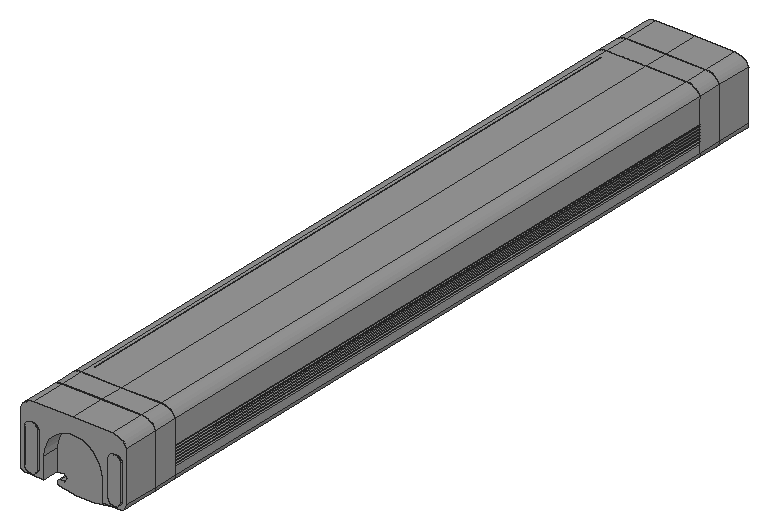
Revit family "SPALED2-4HTHOWT40120-277V", category Lighting Fixtures, host Face, Revit 2015
Parameters (values of type "SPALED2HTLOWT40120-277V")
  Wattage Comments = "18.6W"
  Wattage = 18.6 W
  built-in parameter 1150110 = 1 (stored number, unit not read)
  Type Image = SPADA PICTURE.PNG
  Type Comments = "SPADA® is DesignLights Consortium® qualified\r\nfor Direct Linear Ambient Luminaires."
  built-in parameter 1114217 = 0.9 (stored number, unit not read)
  Tilt Angle = -90.00°
  built-in parameter 1150109 = 1 (stored number, unit not read)
  built-in parameter 1150134 = 12
  built-in parameter 1150113 = 1 (stored number, unit not read)
  Photometric Web File = "SPA-2-HT-40W-WT40-120-277V-MOD.ies"
  Model = "SPADA"
  Manufacturer = "BEGHELLI"
  built-in parameter 1150105 = 158.38 (stored number, unit not read)
  Lumens = 1990.2 lm
  built-in parameter 1150115 = 1 (stored number, unit not read)
  built-in parameter 1150137 = (empty or 0)
  built-in parameter 1150139 = (empty or 0)
  built-in parameter 1150112 = 1 (stored number, unit not read)
  built-in parameter 1150114 = 1 (stored number, unit not read)
  Lamp = "LED"
  LENGTH = L * 2  # 2' - 0"
  L = 1' - 0"
  built-in parameter 1150132 = (empty or 0)
  built-in parameter 1150102 = (empty or 0)
  built-in parameter 1150107 = 4000 (stored number, unit not read)
  built-in parameter 1150138 = (empty or 0)
  built-in parameter 1150106 = 1.5838 (stored number, unit not read)
  Emit from Line Length = 2' - 0"
  built-in parameter 1150104 = 9.9406 (stored number, unit not read)
  Dimming Lamp Color Temperature Shift = <None>
  Description = "The vandal resistant design of the SPADA® makes it ideal for\r\nmanufacturing facilities, work stations, locker rooms, schools,\r\nbreezeways, government facilities, prisons and public areas."
  Default Elevation = 4' - 0"
  Color Filter = 16777215
  built-in parameter 1114218 = 1 (stored number, unit not read)
  built-in parameter 1150133 = 10 (stored number, unit not read)
Types (3): name | Wattage Comments | Wattage | built-in parameter 1150105 | Lumens | LENGTH | L | built-in parameter 1150106 | built-in parameter 1150104
  (no name) | "18.6W" | 18.6 W | 158.38 (stored number, unit not read) | 1990.2 lm | 2' - 0" | 1' - 0" | 1.5838 (stored number, unit not read) | 9.9406 (stored number, unit not read)
  SPALED2HTLOWT40120-277V | "18.6W" | 18.6 W | 158.38 (stored number, unit not read) | 1990.2 lm | 2' - 0" | 1' - 0" | 1.5838 (stored number, unit not read) | 9.9406 (stored number, unit not read)
  SPALED4HTHOWT40120-277V | "38.2W" | 38.2 W | 1337 (stored number, unit not read) | 4316.6 lm | 4' - 0" | 2' - 0" | 13.37 (stored number, unit not read) | 10.498 (stored number, unit not read)
Reference planes (in)
  plane 1 "Center (Front/Back)": y = 0
  plane 2: z = 0
  plane 3 "Center (Left/Right)": x = 0
  plane 4: y = 12
  plane 5: y = -12
  plane 6: z = 2.5
Dimensions and locks (in)
  "L": plane 4 to plane 1 "Center (Front/Back)"
  "LENGTH": plane 4 to plane 5
  aligned and locked: plane 2 to host face
  aligned and locked: level to host face
  aligned and locked: plane 6 to imposter light
Automatic sketch dimensions
  host sketch curve to host sketch curve = 8' - 0"  (x2)
Nested families (in)
  nested 1: "SPADA HOUSING+SIDE" at (0, 0, 0), type "SPADA HOUSING+SIDE"
    with LENGTH 2' - 0", L 1' - 0"
Definition of nested family "SPADA HOUSING+SIDE"
  Parameters (values of type "SPADA HOUSING+SIDE")
    SIDE HOUSING MATERIAL = none
    SIDE HOUSING MATERIAL 2 = none
    LENGTH = L * 2  # 4' - 0"
    L = 2' - 0"
    HOUSING MATERIAL = none
    HOUSING BOTTOM = none
  Reference planes (in)
    plane 1 "Center (Front/Back)": y = 0
    plane 2: z = 0
    plane 3 "Center (Left/Right)": x = 0
    plane 4: z = 2.5
    plane 5: z = 1.46246
    plane 6: y = 22.125
    plane 7: y = -22.125
    plane 8: y = 24
    plane 9: y = -24
  Forms (in)
    Extrusion 1, solid, material <- "HOUSING MATERIAL"
      sketch origin (0, 0, 0) x (1, 0, 0) y (0, 0, 1)
        loop
          arc (-0.85345, 0.10155) -> (-0.02528, -0.00023) -> (0.803, 0.10067) r 3.43525
          arc (0.803, 0.10067) -> (0.84979, 0.20634) -> (0.75867, 0.27742) r 0.09394
          line (0.75867, 0.27742) -> (0.65424, 0.27742)
          arc (0.65424, 0.27742) -> (0.55884, 0.37282) -> (0.65424, 0.46822) r 0.0954
          line (0.65424, 0.46822) -> (1.43592, 0.46822)
          arc (1.43592, 0.46822) -> (1.56092, 0.52) -> (1.6127, 0.645) r 0.17678
          line (1.6127, 0.645) -> (1.6127, 0.89416) -> (1.59377, 0.93475) -> (1.6127, 0.97534) -> (1.59377, 1.01594) -> (1.6127, 1.05653) -> (1.59377, 1.09712) -> (1.6127, 1.13772) -> (1.59377, 1.17831) -> (1.6127, 1.2189) -> (1.59377, 1.2595) -> (1.6127, 1.30009) -> (1.59377, 1.34068) -> (1.6127, 1.38128) -> (1.59377, 1.42187) -> (1.6127, 1.46246) -> (1.49161, 1.46246) -> (1.49161, 0.645)
          arc (1.49161, 0.645) -> (1.4753, 0.60563) -> (1.43592, 0.58932) r 0.05568
          line (1.43592, 0.58932) -> (0.65424, 0.58932)
          arc (0.65424, 0.58932) -> (0.44225, 0.41671) -> (0.56829, 0.17412) r 0.21649
          arc (0.56829, 0.17412) -> (-0.02414, 0.12087) -> (-0.61654, 0.17437) r 3.31416
          arc (-0.61654, 0.17437) -> (-0.49114, 0.41702) -> (-0.70307, 0.58932) r 0.21649
          line (-0.70307, 0.58932) -> (-1.48475, 0.58932)
          arc (-1.48475, 0.58932) -> (-1.52413, 0.60563) -> (-1.54044, 0.645) r 0.05568
          line (-1.54044, 0.645) -> (-1.54044, 1.46246) -> (-1.66153, 1.46246) -> (-1.6426, 1.42187) -> (-1.66153, 1.38128) -> (-1.6426, 1.34068) -> (-1.66153, 1.30009) -> (-1.6426, 1.2595) -> (-1.66153, 1.2189) -> (-1.6426, 1.17831) -> (-1.66153, 1.13772) -> (-1.6426, 1.09712) -> (-1.66153, 1.05653) -> (-1.6426, 1.01594) -> (-1.66153, 0.97534) -> (-1.6426, 0.93475) -> (-1.66153, 0.89416) -> (-1.66153, 0.645)
          arc (-1.66153, 0.645) -> (-1.60975, 0.52) -> (-1.48475, 0.46822) r 0.17678
          line (-1.48475, 0.46822) -> (-0.70307, 0.46822)
          arc (-0.70307, 0.46822) -> (-0.60767, 0.37282) -> (-0.70307, 0.27742) r 0.0954
          line (-0.70307, 0.27742) -> (-0.8075, 0.27742)
          arc (-0.8075, 0.27742) -> (-0.89838, 0.20723) -> (-0.85345, 0.10155) r 0.09394
      from -22.125 to 22.125
    Extrusion 2, solid, material <- "HOUSING BOTTOM"
      sketch origin (0, 0, 0) x (1, 0, 0) y (0, 0, 1)
        loop
          line (1.20313, 2.5) -> (-0.04687, 2.5) -> (-1.25, 2.5)
          arc (-1.25, 2.5) -> (-1.5, 2.42118) -> (-1.65958, 2.21321) r 0.43586
          line (-1.65958, 2.21321) -> (-1.65958, 1.46246) -> (-1.52676, 1.46246) -> (-1.52676, 1.78366) -> (-1.47598, 1.85618) -> (-1.51961, 1.91849) -> (-1.47158, 1.98709) -> (-1.51961, 2.05569) -> (-1.47598, 2.118) -> (-1.50472, 2.18843) -> (-1.44837, 2.23952) -> (-1.43495, 2.31439) -> (-1.3606, 2.32729) -> (-1.31904, 2.391) -> (-1.24611, 2.374) -> (-1.18273, 2.42209) -> (-1.11421, 2.37791) -> (-1.05361, 2.42388) -> (-0.98232, 2.37791) -> (-0.92172, 2.42388) -> (-0.85042, 2.37791) -> (-0.78982, 2.42388) -> (-0.71852, 2.37791) -> (-0.65792, 2.42388) -> (-0.58663, 2.37791) -> (-0.52603, 2.42388) -> (-0.45473, 2.37791) -> (-0.39413, 2.42388) -> (-0.32284, 2.37791) -> (-0.26224, 2.42388) -> (-0.19094, 2.37791) -> (-0.13034, 2.42388) -> (-0.05904, 2.37791) -> (0, 2.4227) -> (0.05904, 2.37791) -> (0.13034, 2.42388) -> (0.19094, 2.37791) -> (0.26224, 2.42388) -> (0.32284, 2.37791) -> (0.39413, 2.42388) -> (0.45473, 2.37791) -> (0.52603, 2.42388) -> (0.58663, 2.37791) -> (0.65792, 2.42388) -> (0.71852, 2.37791) -> (0.78982, 2.42388) -> (0.85042, 2.37791) -> (0.92172, 2.42388) -> (0.98232, 2.37791) -> (1.05361, 2.42388) -> (1.11421, 2.37791) -> (1.18273, 2.42209) -> (1.24611, 2.374) -> (1.31904, 2.391) -> (1.3606, 2.32729) -> (1.43495, 2.31439) -> (1.44837, 2.23952) -> (1.50472, 2.18843) -> (1.47598, 2.118) -> (1.51961, 2.05569) -> (1.47158, 1.98709) -> (1.51961, 1.91849) -> (1.47598, 1.85618) -> (1.51961, 1.79387) -> (1.47598, 1.73156) -> (1.47598, 1.46246) -> (1.6127, 1.46246) -> (1.6127, 2.21321)
          arc (1.6127, 2.21321) -> (1.45313, 2.42118) -> (1.20313, 2.5) r 0.43586
      from -22.125 to 22.125
  Dimensions and locks (in)
    plane 4 to plane 2 = 0' - 2 1/2"
    locked: plane 8 to plane 6 at 1.875
    locked: plane 9 to plane 7 at 1.875
    "L": plane 8 to plane 1 "Center (Front/Back)"
    "LENGTH": plane 8 to plane 9
    aligned and locked: plane 2 to level
    aligned and locked: plane 6 to Extrusion 1
    aligned and locked: plane 6 to Extrusion 2
    aligned and locked: plane 7 to Extrusion 2
    aligned and locked: plane 7 to Extrusion 1
    aligned and locked: plane 7 to nested 1
    aligned and locked: nested 2 to plane 6
  Automatic sketch dimensions
    Extrusion 1 sketch curve to Extrusion 1 sketch curve = 0' - 0"  (x28)
    Extrusion 1 sketch curve to plane 5 = 0' - 0"  (x2)
    Extrusion 1 sketch curve to plane 5 = 0' - 0.24356"  (x3)
    Extrusion 1 sketch curve to plane 3 "Center (Left/Right)" = 0' - 1.66153"
    Extrusion 1 sketch curve to plane 5 = 0' - 0.56831"
    Extrusion 1 sketch curve to plane 5 = 0' - 0.48712"  (x3)
    Extrusion 1 sketch curve to plane 5 = 0' - 0.40593"  (x3)
    Extrusion 1 sketch curve to plane 5 = 0' - 0.08119"  (x3)
    Extrusion 1 sketch curve to plane 5 = 0' - 0.32475"  (x3)
    Extrusion 1 sketch curve to plane 5 = 0' - 0.16237"  (x3)
    Extrusion 1 sketch curve to plane 5 = 0' - 0.20297"  (x2)
    Extrusion 1 sketch curve to Extrusion 1 sketch curve = 0' - 0.01893"  (x15)
    Extrusion 1 sketch curve to plane 5 = 0' - 0.28415"  (x2)
    Extrusion 1 sketch curve to plane 5 = 0' - 0.12178"  (x2)
    Extrusion 1 sketch curve to plane 5 = 0' - 0.36534"  (x2)
    Extrusion 1 sketch curve to plane 5 = 0' - 0.04059"  (x2)
    Extrusion 1 sketch curve to plane 5 = 0' - 0.44653"  (x2)
    Extrusion 1 sketch curve to plane 5 = 0' - 0.52771"  (x2)
    Extrusion 1 sketch curve to Extrusion 1 sketch curve = 0' - 0 31/256"
    Extrusion 1 sketch curve to Extrusion 1 sketch curve = 0' - 0.05568"  (x2)
    level to Extrusion 1 sketch curve = 0' - 0.18349"  (x2)
    Extrusion 1 sketch curve to Extrusion 1 sketch curve = 0' - 0.67725"  (x2)
    Extrusion 1 sketch curve to Extrusion 1 sketch curve = 0' - 0.10443"  (x2)
    Extrusion 1 sketch curve to plane 3 "Center (Left/Right)" = 0' - 0 3/128"
    level to Extrusion 1 sketch curve = 0' - 0.46822"
    plane 3 "Center (Left/Right)" to Extrusion 1 sketch curve = 0' - 0.65424"
    Extrusion 1 sketch curve to Extrusion 1 sketch curve = 0' - 0.10216"  (x2)
    Extrusion 1 sketch curve to Extrusion 1 sketch curve = 0' - 0.09394"  (x2)
    Extrusion 1 sketch curve to Extrusion 1 sketch curve = 0' - 0.0954"
    Extrusion 1 sketch curve to Extrusion 1 sketch curve = 0' - 0.04059"
    plane 4 to Extrusion 1 sketch curve = 0' - 0.93502"
    Extrusion 1 sketch curve to Extrusion 1 sketch curve = 0' - 0.04595"
    Extrusion 1 sketch curve to Extrusion 1 sketch curve = 0' - 0.08653"
    Extrusion 2 sketch curve to plane 5 = 0' - 0"  (x2)
    Extrusion 2 sketch curve to plane 4 = 0' - 0"
    Extrusion 2 sketch curve to plane 3 "Center (Left/Right)" = 0' - 0"
    Extrusion 2 sketch curve to plane 3 "Center (Left/Right)" = 0' - 0 3/64"
    Extrusion 2 sketch curve to plane 3 "Center (Left/Right)" = 0' - 0.05904"
    Extrusion 2 sketch curve to Extrusion 2 sketch curve = 0' - 0.0713"  (x16)
    Extrusion 2 sketch curve to Extrusion 2 sketch curve = 0' - 0.0606"  (x16)
    Extrusion 2 sketch curve to plane 4 = 0' - 0.07612"  (x14)
    Extrusion 2 sketch curve to plane 4 = 0' - 0.12209"  (x15)
    Extrusion 2 sketch curve to plane 4 = 0' - 0.07791"  (x2)
    Extrusion 2 sketch curve to Extrusion 2 sketch curve = 0' - 0.06851"  (x2)
    Extrusion 2 sketch curve to plane 4 = 0' - 0.126"  (x2)
    Extrusion 2 sketch curve to Extrusion 2 sketch curve = 0' - 0.06338"  (x2)
    Extrusion 2 sketch curve to Extrusion 2 sketch curve = 0' - 0.06727"
    Extrusion 2 sketch curve to plane 4 = 0' - 0.109"  (x2)
    Extrusion 2 sketch curve to Extrusion 2 sketch curve = 0' - 0.07293"  (x2)
    Extrusion 2 sketch curve to plane 4 = 0' - 0.17271"  (x2)
    Extrusion 2 sketch curve to Extrusion 2 sketch curve = 0' - 0.04156"  (x2)
    Extrusion 2 sketch curve to plane 4 = 0' - 0.18561"  (x2)
    Extrusion 2 sketch curve to Extrusion 2 sketch curve = 0' - 0.07435"  (x2)
    Extrusion 2 sketch curve to plane 4 = 0' - 0.26048"  (x2)
    Extrusion 2 sketch curve to Extrusion 2 sketch curve = 0' - 0.01342"  (x2)
    Extrusion 2 sketch curve to plane 4 = 0' - 0.51291"  (x2)
    Extrusion 2 sketch curve to Extrusion 2 sketch curve = 0' - 0.22158"
    plane 5 to Extrusion 2 sketch curve = 0' - 0.39372"  (x2)
    Extrusion 2 sketch curve to Extrusion 2 sketch curve = 0' - 0.00441"  (x2)
    Extrusion 2 sketch curve to plane 4 = 0' - 0.382"  (x2)
    Extrusion 2 sketch curve to Extrusion 2 sketch curve = 0' - 0.02761"  (x2)
    Extrusion 2 sketch curve to plane 4 = 0' - 0.31157"  (x2)
    Extrusion 2 sketch curve to Extrusion 2 sketch curve = 0' - 0.05635"  (x2)
    plane 5 to Extrusion 2 sketch curve = 0' - 0.45602"  (x2)
    Extrusion 2 sketch curve to Extrusion 2 sketch curve = 0' - 0.04363"  (x5)
    Extrusion 2 sketch curve to plane 4 = 0' - 0.44431"  (x2)
    Extrusion 2 sketch curve to Extrusion 2 sketch curve = 0' - 0 13/256"
    Extrusion 2 sketch curve to Extrusion 2 sketch curve = 0' - 0 17/128"
    plane 3 "Center (Left/Right)" to Extrusion 2 sketch curve = 0' - 0.05904"
    Extrusion 2 sketch curve to Extrusion 2 sketch curve = 0' - 0.08891"
    Extrusion 2 sketch curve to Extrusion 2 sketch curve = 0' - 0.02321"
    Extrusion 2 sketch curve to Extrusion 2 sketch curve = 0' - 0"  (x2)
    plane 5 to Extrusion 2 sketch curve = 0' - 0.33141"
    Extrusion 2 sketch curve to Extrusion 2 sketch curve = 0' - 0 35/256"
    Extrusion 2 sketch curve to Extrusion 2 sketch curve = 0' - 0.06231"
    Extrusion 2 sketch curve to Extrusion 2 sketch curve = 0' - 0.07252"
    Extrusion 2 sketch curve to Extrusion 2 sketch curve = 0' - 0.05386"  (x2)
    Extrusion 2 sketch curve to Extrusion 2 sketch curve = 0' - 0.04597"  (x4)
    Extrusion 2 sketch curve to Extrusion 2 sketch curve = 0' - 0.04479"
  Nested families (in)
    nested 1: "SPADA HOUSING SIDE" at (0, -22.125, 0), type "SPADA HOUSING SIDE"
    nested 2: "SPADA HOUSING SIDE" at (0, 22.125, 0), type "SPADA HOUSING SIDE"
  Definition of nested family "SPADA HOUSING SIDE"
    Parameters (values of type "SPADA HOUSING SIDE")
      SIDE HOUSING MATERIAL = none
      SIDE HOUSING MATERIAL 2 = none
      HOUSING MATERIAL BOTTOM = none
    Reference planes (in)
      plane 1 "Center (Front/Back)": y = 0
      plane 2: z = 0
      plane 3 "Center (Left/Right)": x = 0
      plane 4: z = 2.5
      plane 5: y = -0.75
      plane 6: y = -1.87
      plane 7: y = -1.37
    Forms (in)
      Extrusion 1, solid, material <- "SIDE HOUSING MATERIAL"
        sketch origin (0, 0, 0) x (1, 0, 0) y (0, 0, 1)
          loop
            line (-0.04687, 2.5) -> (-1.25, 2.5)
            arc (-1.25, 2.5) -> (-1.5, 2.42118) -> (-1.65958, 2.21321) r 0.43586
            line (-1.65958, 2.21321) -> (-1.65958, 0.645)
            arc (-1.65958, 0.645) -> (-1.6078, 0.52) -> (-1.4828, 0.46822) r 0.17678
            line (-1.4828, 0.46822) -> (-0.70112, 0.46822)
            arc (-0.70112, 0.46822) -> (-0.60572, 0.37282) -> (-0.70112, 0.27742) r 0.0954
            line (-0.70112, 0.27742) -> (-0.80555, 0.27742)
            arc (-0.80555, 0.27742) -> (-0.89666, 0.20634) -> (-0.84987, 0.10067) r 0.09394
            arc (-0.84987, 0.10067) -> (-0.02344, -0.00023) -> (0.803, 0.10067) r 3.43525
            arc (0.803, 0.10067) -> (0.84979, 0.20634) -> (0.75867, 0.27742) r 0.09394
            line (0.75867, 0.27742) -> (0.65424, 0.27742)
            arc (0.65424, 0.27742) -> (0.55884, 0.37282) -> (0.65424, 0.46822) r 0.0954
            line (0.65424, 0.46822) -> (1.43592, 0.46822)
            arc (1.43592, 0.46822) -> (1.56092, 0.52) -> (1.6127, 0.645) r 0.17678
            line (1.6127, 0.645) -> (1.6127, 2.21321)
            arc (1.6127, 2.21321) -> (1.45313, 2.42118) -> (1.20313, 2.5) r 0.43586
            line (1.20313, 2.5) -> (-0.04687, 2.5)
        from 0.75 to 1.87
      Extrusion 2, void
        sketch origin (0, 0, 0) x (1, 0, 0) y (0, 0, 1)
          loop
            line (-1.50895, 1.78571) -> (-1.50895, 0.66984)
            arc (-1.50895, 0.66984) -> (-1.3018, 0.51855) -> (-1.09464, 0.66984) r 0.21747
            line (-1.09464, 0.66984) -> (-1.09464, 1.78571)
            arc (-1.09464, 1.78571) -> (-1.3018, 1.937) -> (-1.50895, 1.78571) r 0.21747
        from 1.37 to 2.00788
      Extrusion 3, void
        sketch origin (-0.03125, 0, 0) x (-1, 0, 0) y (0, 0, -1)
          loop
            arc (-1.50895, -1.78571) -> (-1.3018, -1.937) -> (-1.09464, -1.78571) r 0.21747
            line (-1.09464, -1.78571) -> (-1.09464, -0.66984)
            arc (-1.09464, -0.66984) -> (-1.3018, -0.51855) -> (-1.50895, -0.66984) r 0.21747
            line (-1.50895, -0.66984) -> (-1.50895, -1.78571)
        from 1.37 to 2.00788
      Extrusion 4, void
        sketch origin (0, 0, 0) x (1, 0, 0) y (0, 0, 1)
          loop
            line (-0.92321, 0.46822) -> (-0.70112, 0.46822)
            arc (-0.70112, 0.46822) -> (-0.60572, 0.37282) -> (-0.70112, 0.27742) r 0.0954
            line (-0.70112, 0.27742) -> (-0.80555, 0.27742)
            arc (-0.80555, 0.27742) -> (-0.89666, 0.20634) -> (-0.84987, 0.10067) r 0.09394
            arc (-0.84987, 0.10067) -> (-0.02344, -0.00023) -> (0.803, 0.10067) r 3.43525
            arc (0.803, 0.10067) -> (0.84979, 0.20634) -> (0.75867, 0.27742) r 0.09394
            line (0.75867, 0.27742) -> (0.65424, 0.27742)
            arc (0.65424, 0.27742) -> (0.55884, 0.37282) -> (0.65424, 0.46822) r 0.0954
            line (0.65424, 0.46822) -> (0.88294, 0.46822) -> (0.88294, 1.10885)
            arc (0.88294, 1.10885) -> (-0.02014, 2.01192) -> (-0.92321, 1.10885) r 0.90307
            line (-0.92321, 1.10885) -> (-0.92321, 0.46822)
        from 1.37 to 2.00788
      Extrusion 5, solid, material <- "SIDE HOUSING MATERIAL 2"
        sketch origin (0, 0, -0.00001) x (1, 0, 0) y (0, 0, 1)
          loop
            line (-0.04687, 2.5) -> (-1.25, 2.5)
            arc (-1.25, 2.5) -> (-1.5, 2.42118) -> (-1.65958, 2.21321) r 0.43586
            line (-1.65958, 2.21321) -> (-1.65958, 0.645)
            arc (-1.65958, 0.645) -> (-1.6078, 0.52) -> (-1.4828, 0.46822) r 0.17678
            line (-1.4828, 0.46822) -> (-0.70112, 0.46822)
            arc (-0.70112, 0.46822) -> (-0.60572, 0.37282) -> (-0.70112, 0.27742) r 0.0954
            line (-0.70112, 0.27742) -> (-0.80555, 0.27742)
            arc (-0.80555, 0.27742) -> (-0.89666, 0.20634) -> (-0.84987, 0.10067) r 0.09394
            arc (-0.84987, 0.10067) -> (-0.02344, -0.00023) -> (0.803, 0.10067) r 3.43525
            arc (0.803, 0.10067) -> (0.84979, 0.20634) -> (0.75867, 0.27742) r 0.09394
            line (0.75867, 0.27742) -> (0.65424, 0.27742)
            arc (0.65424, 0.27742) -> (0.55884, 0.37282) -> (0.65424, 0.46822) r 0.0954
            line (0.65424, 0.46822) -> (1.43592, 0.46822)
            arc (1.43592, 0.46822) -> (1.56092, 0.52) -> (1.6127, 0.645) r 0.17678
            line (1.6127, 0.645) -> (1.6127, 2.21321)
            arc (1.6127, 2.21321) -> (1.45313, 2.42118) -> (1.20313, 2.5) r 0.43586
            line (1.20313, 2.5) -> (-0.04687, 2.5)
        from 0 to 0.75
      Extrusion 6, solid, material <- "HOUSING MATERIAL BOTTOM"
        sketch origin (0, 0, 0) x (1, 0, 0) y (0, 0, 1)
          loop
            arc (-1.09464, 1.78571) -> (-1.3018, 1.937) -> (-1.50895, 1.78571) r 0.21747
            line (-1.50895, 1.78571) -> (-1.50895, 0.66984)
            arc (-1.50895, 0.66984) -> (-1.3018, 0.51855) -> (-1.09464, 0.66984) r 0.21747
            line (-1.09464, 0.66984) -> (-1.09464, 1.78571)
          loop
            arc (1.4777, 1.78571) -> (1.27055, 1.937) -> (1.06339, 1.78571) r 0.21747
            line (1.06339, 1.78571) -> (1.06339, 0.66984)
            arc (1.06339, 0.66984) -> (1.27055, 0.51855) -> (1.4777, 0.66984) r 0.21747
            line (1.4777, 0.66984) -> (1.4777, 1.78571)
        from 1.68251 to 1.89952
    Cuts and joins
      Extrusion 2, Extrusion 3, Extrusion 4 cuts Extrusion 1
    Dimensions and locks (in)
      plane 1 "Center (Front/Back)" to plane 5 = 0' - 0 3/4"
      plane 5 to plane 6 = 0' - 1.12"
      plane 6 to plane 1 "Center (Front/Back)" = 0' - 1.87"
      aligned and locked: plane 2 to level
